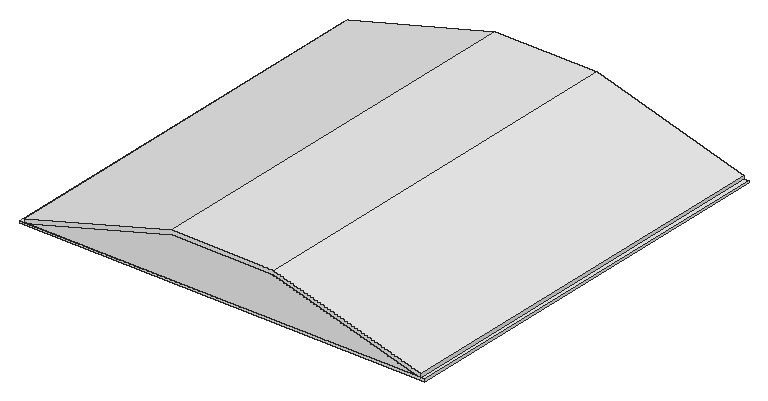
Revit family "2Alcon-24000-Revit-Family", category Lighting Fixtures, host Ceiling, Revit 2021
Family settings
  Host = Ceiling
  Round Connector Dimension = Use Diameter
  Part Type = Normal
  Always vertical = Yes
  Cut with Voids When Loaded = Yes
  Light Source = Yes
  Shared = No
  Room Calculation Point = No
Parameters (values of type "2'x2'")
  Wattage = 9.2903 W
  built-in parameter 1150110 = 1 (stored number, unit not read)
  built-in parameter 1114217 = 1 (stored number, unit not read)
  built-in parameter 1150109 = 1 (stored number, unit not read)
  built-in parameter 1150134 = 3
  built-in parameter 1150113 = 1 (stored number, unit not read)
  Product Identity = "Alcon Lighting 24000"
  Manufacturer = "Alcon Light"
  built-in parameter 1150105 = 439.27 (stored number, unit not read)
  Lumens = 1380 lm
  built-in parameter 1150115 = 1 (stored number, unit not read)
  Link To Product Page = "https://www.alconlighting.com/alcon-24000.html"
  Light Source Symbol Size = 2' - 0"
  built-in parameter 1150137 = (empty or 0)
  built-in parameter 1150139 = (empty or 0)
  Lenght = 2' - 0"
  built-in parameter 1150112 = 1 (stored number, unit not read)
  built-in parameter 1150114 = 1 (stored number, unit not read)
  built-in parameter 1150132 = (empty or 0)
  built-in parameter 1150102 = (empty or 0)
  built-in parameter 1150107 = 3200 (stored number, unit not read)
  built-in parameter 1150138 = (empty or 0)
  built-in parameter 1150106 = 4.3927 (stored number, unit not read)
  Housing = Default
  Glass = Glass
  Emit from Line Length = 2' - 0"
  built-in parameter 1150104 = 13.8 (stored number, unit not read)
  Dimming Lamp Color Temperature Shift = <None>
  Default Elevation = 0' - 0"
  Color Filter = 16777215
  built-in parameter 1114218 = 1 (stored number, unit not read)
  built-in parameter 1150133 = 10 (stored number, unit not read)
Types (2): name | Lenght | Housing | Emit from Line Length
  2'x2' | 2' - 0" | Default | 2' - 0"
  4'x4' | 4' - 0" | none | 4' - 0"
Reference planes (in)
  plane 1 "Center (Front/Back)": y = 0
  plane 2: z = 0
  plane 3 "Center (Left/Right)": x = 0
  plane 4 "Ceiling": z = 157.48031
Forms (in)
  Extrusion 1, solid, material "Default" <- "Housing"
    sketch origin (0, -12, 157.48031) x (0, 1, 0) y (-1, 0, 0)
      loop
        line (36, 12) -> (12, 12) -> (12, -12) -> (36, -12) -> (36, 12)
      loop
        line (35.5, 11.5) -> (12.5, 11.5) -> (12.5, -11.5) -> (35.5, -11.5) -> (35.5, 11.5)
    from -0.125 to 0
  Extrusion 2, void
    sketch origin (12, 0, 157.48031) x (-1, 0, 0) y (0, 0, -1)
      loop
        line (23.5, 0) -> (0.5, 0) -> (9, -2.375) -> (15, -2.375) -> (23.5, 0)
      loop
        line (-0.42754, 0) -> (-0.91838, 0) -> (-0.91838, -3.44814) -> (24.83162, -3.44814) -> (24.83162, 0) -> (24.42754, 0) -> (15.03281, -2.625) -> (8.96719, -2.625) -> (-0.42754, 0)
    from -24 to 0
  Extrusion 3, solid, material "Default" <- "Housing"
    sketch origin (0, 0, 157.48031) x (0, 1, 0) y (-1, 0, 0)
      loop
        line (24, 11.75) -> (0, 11.75) -> (0, -11.75) -> (24, -11.75) -> (24, 11.75)
    from 0 to 2.625
  Extrusion 4, solid, material "Default" <- "Housing"
    sketch origin (11.75, 0, 157.48031) x (-1, 0, 0) y (0, 0, -1)
      loop
        line (14.75, -2.375) -> (23.25, 0) -> (0.25, 0) -> (8.75, -2.375) -> (14.75, -2.375)
    from -0.5 to 0
  Extrusion 5, solid, material "Default" <- "Housing"
    sketch origin (-11.75, 24, 157.48031) x (1, 0, 0) y (0, 0, -1)
      loop
        line (14.75, -2.375) -> (23.25, 0) -> (0.25, 0) -> (8.75, -2.375) -> (14.75, -2.375)
    from -0.5 to 0
  Extrusion 6, solid, material "Glass" <- "Glass"
    sketch origin (-11.75, 23.5, 157.48031) x (-1, 0, 0) y (0, 0, -1)
      loop
        line (-14.75, -2.375) -> (-8.75, -2.375)
        arc (-8.75, -2.375) -> (-11.75, -0.39163) -> (-14.75, -2.375) r 3.26055
    from 0 to 23
  Extrusion 7, void
    sketch origin (0, 0, 157.48031) x (0, 1, 0) y (-1, 0, 0)
      loop
        line (0, 12) -> (0, -12) -> (24, -12) -> (24, 12) -> (0, 12)
    from -1.54987 to 2.625
  Extrusion 8, solid, material "Default" <- "Housing"
    sketch origin (11.75, 0.5, 157.48031) x (1, 0, 0) y (0, 0, -1)
      loop
        arc (-14.75, -2.375) -> (-11.75, -0.39163) -> (-8.75, -2.375) r 3.26055
        line (-8.75, -2.375) -> (-8.62862, -2.34109)
        arc (-8.62862, -2.34109) -> (-11.75, -0.26663) -> (-14.87138, -2.34109) r 3.38555
        line (-14.87138, -2.34109) -> (-14.75, -2.375)
    from 0 to 0.5
  Extrusion 9, solid
    sketch origin (-11.75, 23.5, 157.48031) x (-1, 0, 0) y (0, 0, -1)
      loop
        line (-8.75, -2.375) -> (-8.62862, -2.34109)
        arc (-8.62862, -2.34109) -> (-11.75, -0.26663) -> (-14.87138, -2.34109) r 3.38555
        line (-14.87138, -2.34109) -> (-14.75, -2.375)
        arc (-14.75, -2.375) -> (-11.75, -0.39163) -> (-8.75, -2.375) r 3.26055
    from 0 to 0.5
Cuts and joins
  Extrusion 2 cuts Extrusion 3
Dimensions and locks (in)
  equal spacing: host sketch curve, plane 3 "Center (Left/Right)", host sketch curve
  equal spacing: host sketch curve, plane 1 "Center (Front/Back)", host sketch curve
  host sketch curve to host sketch curve = 13' - 1.48031"  (x2)
  plane 4 "Ceiling" to host ceiling = 0' - 0"
  "Lenght": Extrusion 1 to Extrusion 1
  aligned and locked: Extrusion 2 to Extrusion 3  (x2)
  aligned and locked: cut or joined group of Extrusion 2, Extrusion 3 to Extrusion 1  (x2)
  aligned and locked: plane 1 "Center (Front/Back)" to Extrusion 1
  aligned and locked: Extrusion 1 to Extrusion 4
  aligned and locked: Extrusion 4 to Extrusion 1
  aligned and locked: Extrusion 1 to Extrusion 5
  aligned and locked: Extrusion 5 to Extrusion 1
  aligned and locked: Extrusion 6 to Extrusion 1
  aligned and locked: Extrusion 7 sketch curve to Extrusion 1
  aligned and locked: plane 1 "Center (Front/Back)" to Extrusion 7 sketch curve
Automatic sketch dimensions
  plane 1 "Center (Front/Back)" to Extrusion 1 sketch curve = 0' - 0"
  Extrusion 1 sketch curve to Extrusion 1 sketch curve = 0' - 0 1/2"  (x4)
  Extrusion 1 sketch curve to plane 1 "Center (Front/Back)" = 1' - 11 1/2"
  plane 3 "Center (Left/Right)" to Extrusion 1 sketch curve = 1' - 0"
  Extrusion 1 sketch curve to plane 3 "Center (Left/Right)" = 0' - 11 1/2"
  Extrusion 3 sketch curve to plane 3 "Center (Left/Right)" = 0' - 11 3/4"
  plane 1 "Center (Front/Back)" to Extrusion 3 sketch curve = 0' - 0"
  Extrusion 3 sketch curve to plane 1 "Center (Front/Back)" = 2' - 0"
  plane 3 "Center (Left/Right)" to Extrusion 3 sketch curve = 0' - 11 3/4"
  Extrusion 2 sketch curve to Extrusion 1 = 0' - 0"  (x3)
  Extrusion 1 to Extrusion 2 sketch curve = 0' - 0.91838"
  Extrusion 1 to Extrusion 2 sketch curve = 0' - 0.42754"
  Extrusion 2 sketch curve to Extrusion 1 = 0' - 2 5/8"
  Extrusion 2 sketch curve to Extrusion 1 = 0' - 8.96719"
  Extrusion 2 sketch curve to Extrusion 1 = 0' - 2 3/8"
  Extrusion 2 sketch curve to Extrusion 2 sketch curve = 0' - 0.03281"  (x2)
  Extrusion 2 sketch curve to Extrusion 2 sketch curve = 0' - 6"
  Extrusion 2 sketch curve to Extrusion 1 = 0' - 0.42754"
  Extrusion 2 sketch curve to Extrusion 2 sketch curve = 0' - 0.40407"
  Extrusion 2 sketch curve to Extrusion 2 sketch curve = 0' - 3.44814"
  Extrusion 2 sketch curve to Extrusion 1 = 0' - 0 1/2"
  Extrusion 1 to Extrusion 2 sketch curve = 0' - 0 1/2"
  Extrusion 3 to Extrusion 4 sketch curve = 0' - 0 1/4"  (x2)
  Extrusion 3 to Extrusion 4 sketch curve = 0' - 8 3/4"
  Extrusion 4 sketch curve to Extrusion 4 sketch curve = 0' - 6"
  Extrusion 4 sketch curve to Extrusion 3 = 0' - 0"
  Extrusion 4 sketch curve to Extrusion 3 = 0' - 0 1/4"
  Extrusion 3 to Extrusion 5 sketch curve = 0' - 0 1/4"
  Extrusion 5 sketch curve to Extrusion 3 = 0' - 8 3/4"
  Extrusion 5 sketch curve to Extrusion 5 sketch curve = 0' - 6"
  Extrusion 5 sketch curve to Extrusion 3 = 0' - 0 1/4"  (x2)
  Extrusion 5 sketch curve to Extrusion 3 = 0' - 0"
  Extrusion 6 sketch curve to Extrusion 5 = 0' - 0"  (x3)
  Extrusion 5 to Extrusion 6 sketch curve = 0' - 1.27718"
  plane 3 "Center (Left/Right)" to Extrusion 7 sketch curve = 1' - 0"
  Extrusion 7 sketch curve to plane 3 "Center (Left/Right)" = 1' - 0"
  Extrusion 8 sketch curve to Extrusion 8 sketch curve = 0' - 0"  (x2)
  Extrusion 4 to Extrusion 8 sketch curve = 0' - 0"  (x2)
  Extrusion 8 sketch curve to Extrusion 4 = 0' - 0"  (x4)
  Extrusion 8 sketch curve to Extrusion 4 = 0' - 0.03391"
  Extrusion 4 to Extrusion 8 sketch curve = 0' - 1.27718"
  Extrusion 9 sketch curve to Extrusion 9 sketch curve = 0' - 0"  (x2)
  Extrusion 9 sketch curve to Extrusion 5 = 0' - 0"  (x5)
  Extrusion 5 to Extrusion 9 sketch curve = 0' - 0"
  Extrusion 9 sketch curve to Extrusion 5 = 0' - 0.03391"
  Extrusion 5 to Extrusion 9 sketch curve = 0' - 1.27718"
